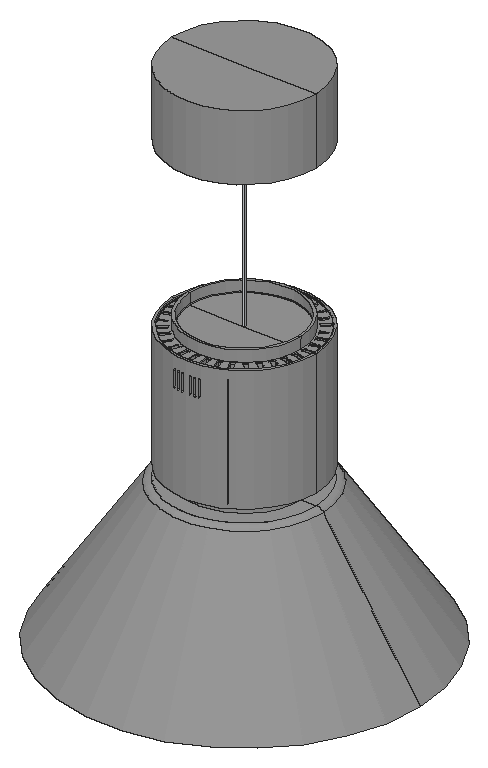
Revit family "LAMP_STORMBELL DECO + BLACK REFLECTOR", category Luminarias, Revit 2015
Parameters (values of type "1705LM 3000 BLACK FLOOD")
  Weight = 4.504 kg
  Type = "COB CITIZEN"
  Suspension height [instance] = 200.00 mm
  Reflector product code = "STBE420B"
  Protection rating = "IP20"
  Product datasheet = "http://www.lamp.es/product-files/TECH/ST117030FL830NOB-EN.pdf"
  Product code = "ST117030FL830NOB"
  Product URL = "http://www.lamp.es/en/family/stormbell_33344"
  Power Supply = "220-240V 50-60Hz"
  Power = 25 W
  Plum = 26.3 W
  Photometric web file = Reflector negro core : 1705LM 3000 BLACK FLOOD
  Modelo = Product code  # "ST117030FL830NOB"
  Material floron = LAMP_Aluminio cuerpo Stormbell NG
  Material COB = LAMP_COB
  Manufacturer name = "LAMP"
  Manufacturer country = "Spain"
  Manufacturer URL = "http://www.lamp.es/en"
  MacAdam = "<3"
  Luminaire type = "Indoor - Suspended Downlight"
  Last update = "11/11/2020"
  Lamp = "COB LED"
  LED Lifetime = "50.000 L80 B10"
  Insulation class = "I"
  Installation instructions = "http://www.lamp.es/product-files/INS/1003910-B-INSTR.%20STORMBELL.pdf"
  Initial intensity = 1705 lm
  Initial color = 3000 K
  IEE = "A+"
  Height = 173.00 mm
  Gear = "Electronic"
  Finish = "Shiny black"
  Fabricante = Manufacturer name  # "LAMP"
  Efficacy = 64.8 lm/W
  Diameter = 173.00 mm
  Descripción = "STORMBELL DECO 3000 WW FL BK."
  Core = Core Stormbell Deco : BLACK
  CRI = "80"
  Body Height = 0.00 mm
  Altura suspension [instance] = if(Suspension height < 0.00 mm, 0.00 mm, if(Suspension height > 3000.00 mm, 3000.00 mm, Suspension height))  # 200.00 mm
Types (16, lengths in mm): name | Weight | Product datasheet | Product code | Power Supply | Power | Plum | Modelo | Initial intensity | Initial color | Finish | Efficacy | Descripción
  1705LM 3000 WHITE FLOOD | 4.504 kg | "http://www.lamp.es/product-files/TECH/ST117030FL830NOW-EN.pdf" | "ST117030FL830NOW" | "220-240V 50-60Hz" | 25 W | 26.3 W | "ST117030FL830NOW" | 1705 lm | 3000 K | "Shiny white" | 64.8 lm/W | "STORMBELL DECO 3000 WW FL WH."
  1705LM 3000 BLACK FLOOD | 4.504 kg | "http://www.lamp.es/product-files/TECH/ST117030FL830NOB-EN.pdf" | "ST117030FL830NOB" | "220-240V 50-60Hz" | 25 W | 26.3 W | "ST117030FL830NOB" | 1705 lm | 3000 K | "Shiny black" | 64.8 lm/W | "STORMBELL DECO 3000 WW FL BK."
  1972LM 3000 WHITE WIDE FLOOD | 4.504 kg | "http://www.lamp.es/product-files/TECH/ST117030WF830NOW-EN.pdf" | "ST117030WF830NOW" | "220-240V 50-60Hz" | 25 W | 26.3 W | "ST117030WF830NOW" | 1972 lm | 3000 K | "Shiny white" | 75 lm/W | "STORMBELL DECO 3000 WW WFL WH."
  1972LM 3000 BLACK WIDE FLOOD | 4.504 kg | "http://www.lamp.es/product-files/TECH/ST117030WF830NOB-EN.pdf" | "ST117030WF830NOB" | "220-240V 50-60Hz" | 25 W | 26.3 W | "ST117030WF830NOB" | 1972 lm | 3000 K | "Shiny black" | 75 lm/W | "STORMBELL DECO 3000 WW WFL BK."
  2027LM 4000 WHITE WIDE FLOOD | 4.504 kg | "http://www.lamp.es/product-files/TECH/ST117030WF840NOW-EN.pdf" | "ST117030WF840NOW" | "220-240V 50-60Hz" | 25 W | 26.3 W | "ST117030WF840NOW" | 2027 lm | 4000 K | "Shiny white" | 77.1 lm/W | "STORMBELL DECO 3000 NW WFL WH."
  2027LM 4000 BLACK WIDE FLOOD | 4.504 kg | "http://www.lamp.es/product-files/TECH/ST117030WF840NOB-EN.pdf" | "ST117030WF840NOB" | "220-240V 50-60Hz" | 25 W | 26.3 W | "ST117030WF840NOB" | 2027 lm | 4000 K | "Shiny black" | 77.1 lm/W | "STORMBELL DECO 3000 NW WFL BK."
  2177LM 4000 WHITE FLOOD | 4.504 kg | "http://www.lamp.es/product-files/TECH/ST117030FL840NOW-EN.pdf" | "ST117030FL840NOW" | "220-240V 50-60Hz" | 25 W | 26.3 W | "ST117030FL840NOW" | 2177 lm | 4000 K | "Shiny white" | 82.8 lm/W | "STORMBELL DECO 3000 NW FL WH."
  2177LM 4000 BLACK FLOOD | 4.504 kg | "http://www.lamp.es/product-files/TECH/ST117030FL840NOB-EN.pdf" | "ST117030FL840NOB" | "220-240V 50-60Hz" | 25 W | 26.3 W | "ST117030FL840NOB" | 2177 lm | 4000 K | "Shiny black" | 82.8 lm/W | "STORMBELL DECO 3000 NW FL BK."
  3090LM 3000 WHITE WIDE FLOOD | 4.592 kg | "http://www.lamp.es/product-files/TECH/ST117050WF830NOW-EN.pdf" | "ST117050WF830NOW" | "100-240V 50-60Hz" | 44 W | 47.4 W | "ST117050WF830NOW" | 3090 lm | 3000 K | "Shiny white" | 65.2 lm/W | "STORMBELL DECO 5000 WW WFL WH."
  3090LM 3000 BLACK WIDE FLOOD | 4.592 kg | "http://www.lamp.es/product-files/TECH/ST117050WF830NOB-EN.pdf" | "ST117050WF830NOB" | "100-240V 50-60Hz" | 44 W | 47.4 W | "ST117050WF830NOB" | 3090 lm | 3000 K | "Shiny black" | 65.2 lm/W | "STORMBELL DECO 5000 WW WFL BK."
  3167LM 3000 WHITE FLOOD | 4.592 kg | "http://www.lamp.es/product-files/TECH/ST117050FL830NOW-EN.pdf" | "ST117050FL830NOW" | "100-240V 50-60Hz" | 44 W | 47.4 W | "ST117050FL830NOW" | 3167 lm | 3000 K | "Shiny white" | 66.8 lm/W | "STORMBELL DECO 5000 WW FL WH."
  3167LM 3000 BLACK FLOOD | 4.592 kg | "http://www.lamp.es/product-files/TECH/ST117050FL830NOB-EN.pdf" | "ST117050FL830NOB" | "100-240V 50-60Hz" | 44 W | 47.4 W | "ST117050FL830NOB" | 3167 lm | 3000 K | "Shiny black" | 66.8 lm/W | "STORMBELL DECO 5000 WW FL BK."
  3176LM 4000 WHITE WIDE FLOOD | 4.592 kg | "http://www.lamp.es/product-files/TECH/ST117050WF840NOW-EN.pdf" | "ST117050WF840NOW" | "100-240V 50-60Hz" | 44 W | 47.4 W | "ST117050WF840NOW" | 3176 lm | 4000 K | "Shiny white" | 67 lm/W | "STORMBELL DECO 5000 NW WFL WH."
  3176LM 4000 BLACK WIDE FLOOD | 4.592 kg | "http://www.lamp.es/product-files/TECH/ST117050WF840NOB-EN.pdf" | "ST117050WF840NOB" | "100-240V 50-60Hz" | 44 W | 47.4 W | "ST117050WF840NOB" | 3176 lm | 4000 K | "Shiny black" | 67 lm/W | "STORMBELL DECO 5000 NW WFL BK."
  3254LM 4000 WHITE FLOOD | 4.592 kg | "http://www.lamp.es/product-files/TECH/ST117050FL840NOW-EN.pdf" | "ST117050FL840NOW" | "100-240V 50-60Hz" | 44 W | 47.4 W | "ST117050FL840NOW" | 3254 lm | 4000 K | "Shiny white" | 68.6 lm/W | "STORMBELL DECO 5000 NW FL WH."
  3254LM 4000 BLACK FLOOD | 4.592 kg | "http://www.lamp.es/product-files/TECH/ST117050FL840NOB-EN.pdf" | "ST117050FL840NOB" | "100-240V 50-60Hz" | 44 W | 47.4 W | "ST117050FL840NOB" | 3254 lm | 4000 K | "Shiny black" | 68.6 lm/W | "STORMBELL DECO 5000 NW FL BK."
Reference planes
  plane 1 "Eje de origen de luz (F/P)": y = 0
  plane 2 "Techo": z = 2438.4
  plane 3 "Eje de origen de luz (I/D)": x = 0
  plane 4 "Elevación de origen de luz": z = 1316.8
  plane 5: z = 2359.2
Forms (mm)
  Revolve 1, solid, material "LAMP_Aluminio cuerpo Stormbell NG" <- "Material floron"
    sketch origin (0, 0, 0) x (1, 0, 0) y (0, 0, 1)
      loop
        line (0, 2438.4) -> (-86.5, 2438.4) -> (-86.5, 2359.2) -> (-83.75, 2359.2) -> (-83.75, 2371.9) -> (0, 2371.9) -> (0, 2438.4)
      axis (0, 2438.4) -> (0, 2359.2)
    angle from 0 to 360
  Extrusion 2, solid
    sketch origin (0, 0, 0) x (1, 0, 0) y (0, 1, 0)
      loop
        circle (0, 0) r 1
    from 2159.2 to 2371.9
  Revolve 3, solid, material "LAMP_COB" <- "Material COB"
    sketch origin (-474.113, 0, 2159.2) x (1, 0, 0) y (0, 0, 1)
      loop
        line (474.113, -61.467) -> (474.113, -62.467) -> (481.113, -62.467) -> (481.113, -61.467) -> (474.113, -61.467)
      axis (474.113, -61.467) -> (474.113, -62.467)
    angle from 0 to 360
  Extrusion 4, solid, material "LAMP_Aluminio cuerpo Stormbell NG" <- "Material floron"
    sketch origin (-1.875, 0, 0) x (1, 0, 0) y (0, 1, 0)
      loop
        line (18.156, -7.036) -> (18.156, 7.036)
        arc (18.156, 7.036) -> (17.332, 7.861) -> (16.508, 7.036) r 0.824
        line (16.508, 7.036) -> (16.508, -5.422)
        arc (16.508, -5.422) -> (16.293, -5.94) -> (15.775, -6.154) r 0.733
        line (15.775, -6.154) -> (14.051, -6.154)
        arc (14.051, -6.154) -> (13.604, -6.011) -> (13.324, -5.636) r 0.768
        line (13.324, -5.636) -> (9.075, 6.72)
        arc (9.075, 6.72) -> (7.599, 7.773) -> (6.122, 6.72) r 1.561
        line (6.122, 6.72) -> (1.915, -5.514)
        arc (1.915, -5.514) -> (0.865, -6.139) -> (0.075, -5.206) r 0.946
        line (0.075, -5.206) -> (0.075, 6.255)
        arc (0.075, 6.255) -> (-1.121, 7.917) -> (-3.078, 7.312) r 1.753
        line (-3.078, 7.312) -> (-5.708, 4.681) -> (-8.339, 7.312)
        arc (-8.339, 7.312) -> (-10.295, 7.917) -> (-11.491, 6.255) r 1.753
        line (-11.491, 6.255) -> (-11.491, -5.392)
        arc (-11.491, -5.392) -> (-11.714, -5.931) -> (-12.253, -6.154) r 0.762
        line (-12.253, -6.154) -> (-13.949, -6.154)
        arc (-13.949, -6.154) -> (-14.491, -5.93) -> (-14.715, -5.388) r 0.766
        line (-14.715, -5.388) -> (-14.715, 7.007)
        arc (-14.715, 7.007) -> (-14.94, 7.549) -> (-15.481, 7.773) r 0.766
        line (-15.481, 7.773) -> (-22.184, 7.773)
        arc (-22.184, 7.773) -> (-22.732, 7.546) -> (-22.959, 6.997) r 0.776
        line (-22.959, 6.997) -> (-22.959, 1.093)
        arc (-22.959, 1.093) -> (-22.743, 0.57) -> (-22.22, 0.354) r 0.739
        line (-22.22, 0.354) -> (-17.382, 0.354)
        arc (-17.382, 0.354) -> (-16.557, 1.178) -> (-17.382, 2.002) r 0.824
        line (-17.382, 2.002) -> (-20.553, 2.002)
        arc (-20.553, 2.002) -> (-21.089, 2.224) -> (-21.31, 2.76) r 0.758
        line (-21.31, 2.76) -> (-21.31, 5.362)
        arc (-21.31, 5.362) -> (-21.087, 5.901) -> (-20.548, 6.124) r 0.762
        line (-20.548, 6.124) -> (-17.104, 6.124)
        arc (-17.104, 6.124) -> (-16.581, 5.908) -> (-16.364, 5.384) r 0.74
        line (-16.364, 5.384) -> (-16.364, -7.016)
        arc (-16.364, -7.016) -> (-16.14, -7.557) -> (-15.598, -7.782) r 0.766
        line (-15.598, -7.782) -> (-10.521, -7.782)
        arc (-10.521, -7.782) -> (-10.021, -7.574) -> (-9.814, -7.074) r 0.708
        line (-9.814, -7.074) -> (-9.814, 6.019) -> (-5.708, 1.914) -> (-1.603, 6.019) -> (-1.603, -6.949)
        arc (-1.603, -6.949) -> (-1.39, -7.464) -> (-0.874, -7.677) r 0.729
        line (-0.874, -7.677) -> (2.395, -7.677)
        arc (2.395, -7.677) -> (2.818, -7.542) -> (3.083, -7.187) r 0.727
        line (3.083, -7.187) -> (7.599, 5.936) -> (12.139, -7.259)
        arc (12.139, -7.259) -> (12.421, -7.638) -> (12.871, -7.782) r 0.775
        line (12.871, -7.782) -> (17.411, -7.782)
        arc (17.411, -7.782) -> (17.938, -7.563) -> (18.156, -7.036) r 0.745
    from 2370.9 to 2371.9
Lines and regions (mm)
  reference lines
    curve 1: line (-474.113, 0, 2159.2) -> (435.887, 0, 2159.2)
Text (mm)
  text "Any modification of the parameters and properties of the LAMP BIM models must be executed and validated by the LAMP technical department.\n\nPhone: +34 93 736 68 00\n\nE-mail: lamp@lamp.es\n\n\n\nLAMP reserves the right to modify the technical specifications of its products." at (-12684.27, -18653.432, 16760.065), in view "Preview"
Dimensions and locks
  equal spacing: host sketch curve, plane 3 "Eje de origen de luz (I/D)", host sketch curve
  equal spacing: host sketch curve, plane 1 "Eje de origen de luz (F/P)", host sketch curve
  host sketch curve to host sketch curve = 3048.00 mm  (x2)
  locked: plane 2 "Techo" to plane 5 at 79.2
  "Altura suspension": plane 5 to curve 1
  aligned and locked: plane 5 to Revolve 1
  aligned and locked: curve 1 to Extrusion 2
Automatic sketch dimensions
  Revolve 1 sketch curve to plane 2 "Techo" = 0.00 mm
  Revolve 1 sketch curve to plane 5 = 0.00 mm
  Revolve 1 sketch curve to plane 3 "Eje de origen de luz (I/D)" = 0.00 mm  (x2)
  Revolve 1 sketch curve to plane 3 "Eje de origen de luz (I/D)" = 83.75 mm
  Revolve 1 sketch curve to Revolve 1 sketch curve = 2.75 mm
  plane 5 to Revolve 1 sketch curve = 12.70 mm
  Revolve 1 sketch curve to level = 304.80 mm
  plane 2 "Techo" to Revolve 1 sketch curve = 324.435 mm
  plane 1 "Eje de origen de luz (F/P)" to Extrusion 2 sketch curve = 0.00 mm
  Extrusion 2 sketch curve to plane 3 "Eje de origen de luz (I/D)" = 0.00 mm
  curve 1 to Revolve 3 sketch curve = 61.467 mm
  Revolve 3 sketch curve to curve 1 = 435.887 mm  (x2)
  Revolve 3 sketch curve to Revolve 3 sketch curve = 7.00 mm
  Revolve 3 sketch curve to Revolve 3 sketch curve = 1.00 mm
  Revolve 3 sketch curve to curve 1 = 2364.00 mm
  curve 1 to Revolve 3 sketch curve = 703.635 mm
  Extrusion 4 sketch curve to plane 1 "Eje de origen de luz (F/P)" = 1.093 mm
  Extrusion 4 sketch curve to plane 3 "Eje de origen de luz (I/D)" = 24.834 mm
  Extrusion 4 sketch curve to Extrusion 4 sketch curve = 0.739 mm
  Extrusion 4 sketch curve to Extrusion 4 sketch curve = 0.776 mm
  Extrusion 4 sketch curve to Extrusion 4 sketch curve = 0.873 mm
  Extrusion 4 sketch curve to Extrusion 4 sketch curve = 0.758 mm
  Extrusion 4 sketch curve to Extrusion 4 sketch curve = 0.762 mm  (x2)
  Extrusion 4 sketch curve to Extrusion 4 sketch curve = 3.171 mm
  Extrusion 4 sketch curve to Extrusion 4 sketch curve = 0.277 mm
  Extrusion 4 sketch curve to Extrusion 4 sketch curve = 1.018 mm
  Extrusion 4 sketch curve to Extrusion 4 sketch curve = 0.766 mm  (x2)
  Extrusion 4 sketch curve to Extrusion 4 sketch curve = 1.623 mm
  Extrusion 4 sketch curve to Extrusion 4 sketch curve = 0.883 mm
  Extrusion 4 sketch curve to Extrusion 4 sketch curve = 1.696 mm
  Extrusion 4 sketch curve to Extrusion 4 sketch curve = 0.97 mm
  Extrusion 4 sketch curve to Extrusion 4 sketch curve = 0.708 mm
  Extrusion 4 sketch curve to Extrusion 4 sketch curve = 0.076 mm  (x2)
  Extrusion 4 sketch curve to plane 1 "Eje de origen de luz (F/P)" = 7.312 mm  (x2)
  Extrusion 4 sketch curve to Extrusion 4 sketch curve = 1.399 mm  (x2)
  Extrusion 4 sketch curve to plane 1 "Eje de origen de luz (F/P)" = 4.681 mm
  Extrusion 4 sketch curve to Extrusion 4 sketch curve = 2.631 mm
  Extrusion 4 sketch curve to plane 1 "Eje de origen de luz (F/P)" = 1.914 mm
  Extrusion 4 sketch curve to Extrusion 4 sketch curve = 0.00 mm  (x2)
  Extrusion 4 sketch curve to Extrusion 4 sketch curve = 0.729 mm
  Extrusion 4 sketch curve to Extrusion 4 sketch curve = 1.677 mm
  Extrusion 4 sketch curve to Extrusion 4 sketch curve = 0.946 mm
  plane 1 "Eje de origen de luz (F/P)" to Extrusion 4 sketch curve = 5.514 mm
  Extrusion 4 sketch curve to Extrusion 4 sketch curve = 0.895 mm
  Extrusion 4 sketch curve to Extrusion 4 sketch curve = 0.48 mm
  plane 1 "Eje de origen de luz (F/P)" to Extrusion 4 sketch curve = 7.187 mm
  Extrusion 4 sketch curve to Extrusion 4 sketch curve = 0.688 mm
  Extrusion 4 sketch curve to plane 1 "Eje de origen de luz (F/P)" = 6.72 mm  (x2)
  Extrusion 4 sketch curve to Extrusion 4 sketch curve = 6.048 mm
  Extrusion 4 sketch curve to Extrusion 4 sketch curve = 1.476 mm
  Extrusion 4 sketch curve to plane 1 "Eje de origen de luz (F/P)" = 5.936 mm
  plane 1 "Eje de origen de luz (F/P)" to Extrusion 4 sketch curve = 7.259 mm
  Extrusion 4 sketch curve to Extrusion 4 sketch curve = 9.055 mm
  Extrusion 4 sketch curve to Extrusion 4 sketch curve = 0.733 mm
  plane 1 "Eje de origen de luz (F/P)" to Extrusion 4 sketch curve = 5.636 mm
  Extrusion 4 sketch curve to Extrusion 4 sketch curve = 0.453 mm
  Extrusion 4 sketch curve to Extrusion 4 sketch curve = 0.727 mm
  Extrusion 4 sketch curve to Extrusion 4 sketch curve = 1.725 mm
  Extrusion 4 sketch curve to Extrusion 4 sketch curve = 7.433 mm
  Extrusion 4 sketch curve to Extrusion 4 sketch curve = 0.824 mm  (x2)
  Extrusion 4 sketch curve to Extrusion 4 sketch curve = 0.745 mm
  Extrusion 4 sketch curve to Extrusion 4 sketch curve = 2.146 mm
  plane 1 "Eje de origen de luz (F/P)" to Extrusion 4 sketch curve = 7.782 mm
  Extrusion 4 sketch curve to Extrusion 4 sketch curve = 2.472 mm
  Extrusion 4 sketch curve to Extrusion 4 sketch curve = 0.519 mm
  Extrusion 4 sketch curve to Extrusion 4 sketch curve = 0.862 mm
  Extrusion 4 sketch curve to Extrusion 4 sketch curve = 2.602 mm
  Extrusion 4 sketch curve to Extrusion 4 sketch curve = 0.236 mm
  Extrusion 4 sketch curve to Extrusion 4 sketch curve = 0.276 mm
  Extrusion 4 sketch curve to Extrusion 4 sketch curve = 1.635 mm
  Extrusion 4 sketch curve to Extrusion 4 sketch curve = 0.317 mm
  curve 1 to plane 3 "Eje de origen de luz (I/D)" = 474.113 mm
  plane 3 "Eje de origen de luz (I/D)" to curve 1 = 435.887 mm
  radius of Extrusion 2 sketch curve = 1.00 mm
Nested families
  nested 1: "Core Stormbell Deco" at (0, 0, 1995.7), type <- "Core", type "BLACK"
  nested 2: "Reflector negro core" at (0, 0, 302.7), type <- "Photometric web file", type "1705LM 3000 BLACK FLOOD"
Connectors
  electrical at (0, 0, 2438.4)
    settings: on Revolve 1, index 1, voltage 230 V, apparent load 0 VA, apparent load phase1 0 VA, apparent load phase2 0 VA, apparent load phase3 0 VA, power factor 1, load classification "Otro", number of poles 1, system type 31, power factor state 1, is connector primary yes, connector utility no, sub classification motor no, connector description ""
Definition of nested family "Core Stormbell Deco"
  Parameters (values of type "BLACK")
    Material disipador = none
    Material core = none
    Default Elevation = 1219.20 mm
  Types (3): name
    (no name)
    BLACK
    WHITE
  Reference planes
    plane 1 "Centro (Frontal/Posterior)": y = 0
    plane 2: z = 0
    plane 3 "Centro (Izquierda/Derecha)": x = 0
  Forms (mm)
    Revolve 1, solid, material <- "Material core"
      sketch origin (0, 0, -1221.577) x (1, 0, 0) y (0, 0, 1)
        loop
          line (83.75, 1384.077) -> (83.75, 1383.077) -> (0, 1383.077) -> (0, 1323.61) -> (7, 1323.61) -> (7, 1322.61) -> (22.096, 1322.61)
          arc (22.096, 1322.61) -> (24.519, 1321.984) -> (26.335, 1320.262) r 5
          arc (26.335, 1320.262) -> (44.293, 1286.941) -> (57.8, 1251.58) r 292.631
          line (57.8, 1251.58) -> (59.5, 1251.58) -> (64, 1251.58) -> (64, 1238.077) -> (83.75, 1238.077) -> (83.75, 1237.077) -> (83.75, 1236.077) -> (86.5, 1236.077) -> (86.5, 1385.077) -> (83.75, 1385.077) -> (83.75, 1384.077)
        axis (0, 1385.077) -> (0, 1236.077)
      angle from 0 to 360
    Extrusion 2, void
      sketch origin (0, 0, 0) x (1, 0, 0) y (0, 1, 0)
        loop
          line (-2.75, 81.654) -> (-2.75, 70.747)
          arc (-2.75, 70.747) -> (0, 70.8) -> (2.75, 70.747) r 70.8
          line (2.75, 70.747) -> (2.75, 81.654)
          arc (2.75, 81.654) -> (0, 81.7) -> (-2.75, 81.654) r 81.7
        loop
          arc (-2.75, -81.654) -> (0, -81.7) -> (2.75, -81.654) r 81.7
          line (2.75, -81.654) -> (2.75, -70.747)
          arc (2.75, -70.747) -> (0, -70.8) -> (-2.75, -70.747) r 70.8
          line (-2.75, -70.747) -> (-2.75, -81.654)
        loop
          line (81.654, 2.75) -> (70.747, 2.75)
          arc (70.747, 2.75) -> (70.8, 0) -> (70.747, -2.75) r 70.8
          line (70.747, -2.75) -> (81.654, -2.75)
          arc (81.654, -2.75) -> (81.7, 0) -> (81.654, 2.75) r 81.7
        loop
          arc (-81.654, 2.75) -> (-81.7, 0) -> (-81.654, -2.75) r 81.7
          line (-81.654, -2.75) -> (-70.747, -2.75)
          arc (-70.747, -2.75) -> (-70.8, 0) -> (-70.747, 2.75) r 70.8
          line (-70.747, 2.75) -> (-81.654, 2.75)
        loop
          line (11.471, 80.891) -> (9.577, 70.149)
          arc (9.577, 70.149) -> (12.294, 69.724) -> (14.993, 69.194) r 70.8
          line (14.993, 69.194) -> (16.887, 79.936)
          arc (16.887, 79.936) -> (14.187, 80.459) -> (11.471, 80.891) r 81.7
        loop
          line (25.343, 77.67) -> (21.613, 67.421)
          arc (21.613, 67.421) -> (24.215, 66.53) -> (26.781, 65.539) r 70.8
          line (26.781, 65.539) -> (30.511, 75.789)
          arc (30.511, 75.789) -> (27.943, 76.773) -> (25.343, 77.67) r 81.7
        loop
          line (38.445, 72.089) -> (32.992, 62.643)
          arc (32.992, 62.643) -> (35.4, 61.315) -> (37.755, 59.893) r 70.8
          line (37.755, 59.893) -> (43.208, 69.339)
          arc (43.208, 69.339) -> (40.85, 70.754) -> (38.445, 72.089) r 81.7
        loop
          line (50.379, 64.318) -> (43.368, 55.963)
          arc (43.368, 55.963) -> (45.509, 54.236) -> (47.582, 52.427) r 70.8
          line (47.582, 52.427) -> (54.593, 60.783)
          arc (54.593, 60.783) -> (52.516, 62.586) -> (50.379, 64.318) r 81.7
        loop
          line (60.783, 54.593) -> (52.427, 47.582)
          arc (52.427, 47.582) -> (54.236, 45.509) -> (55.963, 43.368) r 70.8
          line (55.963, 43.368) -> (64.318, 50.379)
          arc (64.318, 50.379) -> (62.586, 52.516) -> (60.783, 54.593) r 81.7
        loop
          line (69.339, 43.208) -> (59.893, 37.755)
          arc (59.893, 37.755) -> (61.315, 35.4) -> (62.643, 32.992) r 70.8
          line (62.643, 32.992) -> (72.089, 38.445)
          arc (72.089, 38.445) -> (70.754, 40.85) -> (69.339, 43.208) r 81.7
        loop
          line (75.789, 30.511) -> (65.539, 26.781)
          arc (65.539, 26.781) -> (66.53, 24.215) -> (67.421, 21.613) r 70.8
          line (67.421, 21.613) -> (77.67, 25.343)
          arc (77.67, 25.343) -> (76.773, 27.943) -> (75.789, 30.511) r 81.7
        loop
          line (79.936, 16.887) -> (69.194, 14.993)
          arc (69.194, 14.993) -> (69.724, 12.294) -> (70.149, 9.577) r 70.8
          line (70.149, 9.577) -> (80.891, 11.471)
          arc (80.891, 11.471) -> (80.459, 14.187) -> (79.936, 16.887) r 81.7
        loop
          arc (-11.471, 80.891) -> (-14.187, 80.459) -> (-16.887, 79.936) r 81.7
          line (-16.887, 79.936) -> (-14.993, 69.194)
          arc (-14.993, 69.194) -> (-12.294, 69.724) -> (-9.577, 70.149) r 70.8
          line (-9.577, 70.149) -> (-11.471, 80.891)
        loop
          arc (-25.343, 77.67) -> (-27.943, 76.773) -> (-30.511, 75.789) r 81.7
          line (-30.511, 75.789) -> (-26.781, 65.539)
          arc (-26.781, 65.539) -> (-24.215, 66.53) -> (-21.613, 67.421) r 70.8
          line (-21.613, 67.421) -> (-25.343, 77.67)
        loop
          arc (-38.445, 72.089) -> (-40.85, 70.754) -> (-43.208, 69.339) r 81.7
          line (-43.208, 69.339) -> (-37.755, 59.893)
          arc (-37.755, 59.893) -> (-35.4, 61.315) -> (-32.992, 62.643) r 70.8
          line (-32.992, 62.643) -> (-38.445, 72.089)
        loop
          arc (-50.379, 64.318) -> (-52.516, 62.586) -> (-54.593, 60.783) r 81.7
          line (-54.593, 60.783) -> (-47.582, 52.427)
          arc (-47.582, 52.427) -> (-45.509, 54.236) -> (-43.368, 55.963) r 70.8
          line (-43.368, 55.963) -> (-50.379, 64.318)
        loop
          arc (-60.783, 54.593) -> (-62.586, 52.516) -> (-64.318, 50.379) r 81.7
          line (-64.318, 50.379) -> (-55.963, 43.368)
          arc (-55.963, 43.368) -> (-54.236, 45.509) -> (-52.427, 47.582) r 70.8
          line (-52.427, 47.582) -> (-60.783, 54.593)
        loop
          arc (-69.339, 43.208) -> (-70.754, 40.85) -> (-72.089, 38.445) r 81.7
          line (-72.089, 38.445) -> (-62.643, 32.992)
          arc (-62.643, 32.992) -> (-61.315, 35.4) -> (-59.893, 37.755) r 70.8
          line (-59.893, 37.755) -> (-69.339, 43.208)
        loop
          arc (-75.789, 30.511) -> (-76.773, 27.943) -> (-77.67, 25.343) r 81.7
          line (-77.67, 25.343) -> (-67.421, 21.613)
          arc (-67.421, 21.613) -> (-66.53, 24.215) -> (-65.539, 26.781) r 70.8
          line (-65.539, 26.781) -> (-75.789, 30.511)
        loop
          arc (-79.936, 16.887) -> (-80.459, 14.187) -> (-80.891, 11.471) r 81.7
          line (-80.891, 11.471) -> (-70.149, 9.577)
          arc (-70.149, 9.577) -> (-69.724, 12.294) -> (-69.194, 14.993) r 70.8
          line (-69.194, 14.993) -> (-79.936, 16.887)
        loop
          arc (11.471, -80.891) -> (14.187, -80.459) -> (16.887, -79.936) r 81.7
          line (16.887, -79.936) -> (14.993, -69.194)
          arc (14.993, -69.194) -> (12.294, -69.724) -> (9.577, -70.149) r 70.8
          line (9.577, -70.149) -> (11.471, -80.891)
        loop
          arc (25.343, -77.67) -> (27.943, -76.773) -> (30.511, -75.789) r 81.7
          line (30.511, -75.789) -> (26.781, -65.539)
          arc (26.781, -65.539) -> (24.215, -66.53) -> (21.613, -67.421) r 70.8
          line (21.613, -67.421) -> (25.343, -77.67)
        loop
          arc (38.445, -72.089) -> (40.85, -70.754) -> (43.208, -69.339) r 81.7
          line (43.208, -69.339) -> (37.755, -59.893)
          arc (37.755, -59.893) -> (35.4, -61.315) -> (32.992, -62.643) r 70.8
          line (32.992, -62.643) -> (38.445, -72.089)
        loop
          arc (50.379, -64.318) -> (52.516, -62.586) -> (54.593, -60.783) r 81.7
          line (54.593, -60.783) -> (47.582, -52.427)
          arc (47.582, -52.427) -> (45.509, -54.236) -> (43.368, -55.963) r 70.8
          line (43.368, -55.963) -> (50.379, -64.318)
        loop
          arc (60.783, -54.593) -> (62.586, -52.516) -> (64.318, -50.379) r 81.7
          line (64.318, -50.379) -> (55.963, -43.368)
          arc (55.963, -43.368) -> (54.236, -45.509) -> (52.427, -47.582) r 70.8
          line (52.427, -47.582) -> (60.783, -54.593)
        loop
          arc (69.339, -43.208) -> (70.754, -40.85) -> (72.089, -38.445) r 81.7
          line (72.089, -38.445) -> (62.643, -32.992)
          arc (62.643, -32.992) -> (61.315, -35.4) -> (59.893, -37.755) r 70.8
          line (59.893, -37.755) -> (69.339, -43.208)
        loop
          arc (75.789, -30.511) -> (76.773, -27.943) -> (77.67, -25.343) r 81.7
          line (77.67, -25.343) -> (67.421, -21.613)
          arc (67.421, -21.613) -> (66.53, -24.215) -> (65.539, -26.781) r 70.8
          line (65.539, -26.781) -> (75.789, -30.511)
        loop
          arc (79.936, -16.887) -> (80.459, -14.187) -> (80.891, -11.471) r 81.7
          line (80.891, -11.471) -> (70.149, -9.577)
          arc (70.149, -9.577) -> (69.724, -12.294) -> (69.194, -14.993) r 70.8
          line (69.194, -14.993) -> (79.936, -16.887)
        loop
          line (-11.471, -80.891) -> (-9.577, -70.149)
          arc (-9.577, -70.149) -> (-12.294, -69.724) -> (-14.993, -69.194) r 70.8
          line (-14.993, -69.194) -> (-16.887, -79.936)
          arc (-16.887, -79.936) -> (-14.187, -80.459) -> (-11.471, -80.891) r 81.7
        loop
          line (-25.343, -77.67) -> (-21.613, -67.421)
          arc (-21.613, -67.421) -> (-24.215, -66.53) -> (-26.781, -65.539) r 70.8
          line (-26.781, -65.539) -> (-30.511, -75.789)
          arc (-30.511, -75.789) -> (-27.943, -76.773) -> (-25.343, -77.67) r 81.7
        loop
          line (-38.445, -72.089) -> (-32.992, -62.643)
          arc (-32.992, -62.643) -> (-35.4, -61.315) -> (-37.755, -59.893) r 70.8
          line (-37.755, -59.893) -> (-43.208, -69.339)
          arc (-43.208, -69.339) -> (-40.85, -70.754) -> (-38.445, -72.089) r 81.7
        loop
          line (-50.379, -64.318) -> (-43.368, -55.963)
          arc (-43.368, -55.963) -> (-45.509, -54.236) -> (-47.582, -52.427) r 70.8
          line (-47.582, -52.427) -> (-54.593, -60.783)
          arc (-54.593, -60.783) -> (-52.516, -62.586) -> (-50.379, -64.318) r 81.7
        loop
          line (-60.783, -54.593) -> (-52.427, -47.582)
          arc (-52.427, -47.582) -> (-54.236, -45.509) -> (-55.963, -43.368) r 70.8
          line (-55.963, -43.368) -> (-64.318, -50.379)
          arc (-64.318, -50.379) -> (-62.586, -52.516) -> (-60.783, -54.593) r 81.7
        loop
          line (-69.339, -43.208) -> (-59.893, -37.755)
          arc (-59.893, -37.755) -> (-61.315, -35.4) -> (-62.643, -32.992) r 70.8
          line (-62.643, -32.992) -> (-72.089, -38.445)
          arc (-72.089, -38.445) -> (-70.754, -40.85) -> (-69.339, -43.208) r 81.7
        loop
          line (-75.789, -30.511) -> (-65.539, -26.781)
          arc (-65.539, -26.781) -> (-66.53, -24.215) -> (-67.421, -21.613) r 70.8
          line (-67.421, -21.613) -> (-77.67, -25.343)
          arc (-77.67, -25.343) -> (-76.773, -27.943) -> (-75.789, -30.511) r 81.7
        loop
          line (-79.936, -16.887) -> (-69.194, -14.993)
          arc (-69.194, -14.993) -> (-69.724, -12.294) -> (-70.149, -9.577) r 70.8
          line (-70.149, -9.577) -> (-80.891, -11.471)
          arc (-80.891, -11.471) -> (-80.459, -14.187) -> (-79.936, -16.887) r 81.7
      from 14.5 to 163.5
    Extrusion 3, void
      sketch origin (0, 0, 0) x (1, 0, 0) y (0, 0, 1)
        loop
          arc (-3.5, 147.5) -> (-4.75, 148.75) -> (-6, 147.5) r 1.25
          line (-6, 147.5) -> (-6, 129.5)
          arc (-6, 129.5) -> (-4.75, 128.25) -> (-3.5, 129.5) r 1.25
          line (-3.5, 129.5) -> (-3.5, 147.5)
        loop
          arc (-8.5, 147.5) -> (-9.75, 148.75) -> (-11, 147.5) r 1.25
          line (-11, 147.5) -> (-11, 129.5)
          arc (-11, 129.5) -> (-9.75, 128.25) -> (-8.5, 129.5) r 1.25
          line (-8.5, 129.5) -> (-8.5, 147.5)
        loop
          arc (-13.5, 147.5) -> (-14.75, 148.75) -> (-16, 147.5) r 1.25
          line (-16, 147.5) -> (-16, 129.5)
          arc (-16, 129.5) -> (-14.75, 128.25) -> (-13.5, 129.5) r 1.25
          line (-13.5, 129.5) -> (-13.5, 147.5)
        loop
          arc (16, 147.5) -> (14.75, 148.75) -> (13.5, 147.5) r 1.25
          line (13.5, 147.5) -> (13.5, 129.5)
          arc (13.5, 129.5) -> (14.75, 128.25) -> (16, 129.5) r 1.25
          line (16, 129.5) -> (16, 147.5)
        loop
          arc (11, 147.5) -> (9.75, 148.75) -> (8.5, 147.5) r 1.25
          line (8.5, 147.5) -> (8.5, 129.5)
          arc (8.5, 129.5) -> (9.75, 128.25) -> (11, 129.5) r 1.25
          line (11, 129.5) -> (11, 147.5)
        loop
          arc (6, 147.5) -> (4.75, 148.75) -> (3.5, 147.5) r 1.25
          line (3.5, 147.5) -> (3.5, 129.5)
          arc (3.5, 129.5) -> (4.75, 128.25) -> (6, 129.5) r 1.25
          line (6, 129.5) -> (6, 147.5)
      from -87.047 to 87.159
    Revolve 4, solid, material <- "Material disipador"
      sketch origin (0, 0, 0) x (1, 0, 0) y (0, 0, 1)
        loop
          line (65.3, 175.5) -> (65.3, 163.5) -> (65.3, 162.5) -> (0, 162.5) -> (0, 161.5) -> (82.8, 161.5) -> (82.8, 16.5) -> (64, 16.5) -> (64, 13.203) -> (53.7, 13.203) -> (53.7, 10.703) -> (64, 10.703) -> (64, 6.703) -> (65.3, 0) -> (68.2, 0) -> (68.2, 15.5) -> (83.75, 15.5) -> (83.75, 162.5) -> (68.2, 162.5) -> (68.2, 175.5) -> (65.3, 175.5)
        axis (0, 175.5) -> (0, 0)
      angle from 0 to 360
  Cuts and joins
    Extrusion 2, Extrusion 3 cuts Revolve 1
    Extrusion 2 cuts Revolve 4
  Dimensions and locks
    aligned and locked: level to plane 2
Definition of nested family "Reflector negro core"
  Parameters (values of type "1705LM 3000 BLACK FLOOD")
    Tilt Angle = 90.00°
    Wattage = 26.3 W
    Separación luz = 20.00 mm
    built-in parameter 1150110 = 1 (stored number, unit not read)
    Material reflector = none
    built-in parameter 1114217 = 1 (stored number, unit not read)
    built-in parameter 1150109 = 1 (stored number, unit not read)
    Default Elevation = 1219.20 mm
    built-in parameter 1150134 = (empty or 0)
    built-in parameter 1150113 = 1 (stored number, unit not read)
    Lumens = 1705.03 lm
    built-in parameter 1150115 = 1 (stored number, unit not read)
    built-in parameter 1150105 = 135.68 (stored number, unit not read)
    built-in parameter 1150137 = (empty or 0)
    built-in parameter 1150139 = (empty or 0)
    built-in parameter 1150112 = 1 (stored number, unit not read)
    built-in parameter 1150114 = 1 (stored number, unit not read)
    built-in parameter 1150132 = 2
    built-in parameter 1150102 = (empty or 0)
    built-in parameter 1150138 = (empty or 0)
    built-in parameter 1150107 = 3000 (stored number, unit not read)
    built-in parameter 1150106 = 1.3568 (stored number, unit not read)
    built-in parameter 1150104 = 6.0229 (stored number, unit not read)
    Dimming Lamp Color Temperature Shift = (empty or 0)
    Color Filter = 16777215
    built-in parameter 1114218 = 1 (stored number, unit not read)
    Photometric Web File = "10441002+10400102_100.IES"
    built-in parameter 1150133 = 10 (stored number, unit not read)
  Types (17, lengths in mm): name | Wattage | built-in parameter 1150134 | Lumens | built-in parameter 1150105 | built-in parameter 1150107 | built-in parameter 1150106 | built-in parameter 1150104 | Photometric Web File
    (no name) | 26.3 W | (empty or 0) | 1705.03 lm | 135.68 (stored number, unit not read) | 3000 (stored number, unit not read) | 1.3568 (stored number, unit not read) | 6.0229 (stored number, unit not read) | "10441002+10400102_100.IES"
    1705LM 3000 WHITE FLOOD | 26.3 W | (empty or 0) | 1705.03 lm | 135.68 (stored number, unit not read) | 3000 (stored number, unit not read) | 1.3568 (stored number, unit not read) | 6.0229 (stored number, unit not read) | "10441000+10400102_100.IES"
    1705LM 3000 BLACK FLOOD | 26.3 W | (empty or 0) | 1705.03 lm | 135.68 (stored number, unit not read) | 3000 (stored number, unit not read) | 1.3568 (stored number, unit not read) | 6.0229 (stored number, unit not read) | "10441002+10400102_100.IES"
    1972LM 3000 WHITE WIDE FLOOD | 26.3 W | (empty or 0) | 1971.97 lm | 2540.3 (stored number, unit not read) | 3000 (stored number, unit not read) | 25.403 (stored number, unit not read) | 6.9659 (stored number, unit not read) | "10441010+10400102_100.IES"
    1972LM 3000 BLACK WIDE FLOOD | 26.3 W | (empty or 0) | 1971.97 lm | 2540.3 (stored number, unit not read) | 3000 (stored number, unit not read) | 25.403 (stored number, unit not read) | 6.9659 (stored number, unit not read) | "10441012+10400102_100.IES"
    2027LM 4000 WHITE WIDE FLOOD | 26.3 W | 12 | 2026.94 lm | 2281.9 (stored number, unit not read) | 4000 (stored number, unit not read) | 22.819 (stored number, unit not read) | 7.16 (stored number, unit not read) | "10440010+10400102_100.IES"
    2027LM 4000 BLACK WIDE FLOOD | 26.3 W | 12 | 2026.94 lm | 2281.9 (stored number, unit not read) | 4000 (stored number, unit not read) | 22.819 (stored number, unit not read) | 7.16 (stored number, unit not read) | "10440012+10400102_100.IES"
    2177LM 4000 WHITE FLOOD | 26.3 W | 12 | 2177.11 lm | 2450.9 (stored number, unit not read) | 4000 (stored number, unit not read) | 24.509 (stored number, unit not read) | 7.6905 (stored number, unit not read) | "10440000+10400102_100.IES"
    2177LM 4000 BLACK FLOOD | 26.3 W | 12 | 2177.11 lm | 2450.9 (stored number, unit not read) | 4000 (stored number, unit not read) | 24.509 (stored number, unit not read) | 7.6905 (stored number, unit not read) | "10440002+10400102_100.IES"
    3090LM 3000 WHITE WIDE FLOOD | 47.4 W | (empty or 0) | 3090.01 lm | 3955.2 (stored number, unit not read) | 3000 (stored number, unit not read) | 39.552 (stored number, unit not read) | 6.0563 (stored number, unit not read) | "10441030+10400102_100.IES"
    3090LM 3000 BLACK WIDE FLOOD | 47.4 W | (empty or 0) | 3090.01 lm | 3955.2 (stored number, unit not read) | 3000 (stored number, unit not read) | 39.552 (stored number, unit not read) | 6.0563 (stored number, unit not read) | "10441032+10400102_100.IES"
    3167LM 3000 WHITE FLOOD | 47.4 W | (empty or 0) | 3166.79 lm | 3597 (stored number, unit not read) | 3000 (stored number, unit not read) | 35.97 (stored number, unit not read) | 6.2069 (stored number, unit not read) | "10441020+10400102_100.IES"
    3167LM 3000 BLACK FLOOD | 47.4 W | (empty or 0) | 3166.79 lm | 3597 (stored number, unit not read) | 3000 (stored number, unit not read) | 35.97 (stored number, unit not read) | 6.2069 (stored number, unit not read) | "10441022+10400102_100.IES"
    3176LM 4000 WHITE WIDE FLOOD | 47.4 W | 12 | 3175.8 lm | 6239 (stored number, unit not read) | 4000 (stored number, unit not read) | 62.39 (stored number, unit not read) | 6.2245 (stored number, unit not read) | "10440030+10400102_100.IES"
    3176LM 4000 BLACK WIDE FLOOD | 47.4 W | 12 | 3175.8 lm | 6239 (stored number, unit not read) | 4000 (stored number, unit not read) | 62.39 (stored number, unit not read) | 6.2245 (stored number, unit not read) | "10440032+10400102_100.IES"
    3254LM 4000 WHITE FLOOD | 47.4 W | 12 | 3254.01 lm | 3696.1 (stored number, unit not read) | 4000 (stored number, unit not read) | 36.961 (stored number, unit not read) | 6.3778 (stored number, unit not read) | "10440020+10400102_100.IES"
    3254LM 4000 BLACK FLOOD | 47.4 W | 12 | 3254.01 lm | 3696.1 (stored number, unit not read) | 4000 (stored number, unit not read) | 36.961 (stored number, unit not read) | 6.3778 (stored number, unit not read) | "10440022+10400102_100.IES"
  Reference planes
    plane 1 "Eje de origen de luz (F/P)": y = 0
    plane 2: z = 0
    plane 3 "Eje de origen de luz (I/D)": x = 0
    plane 4 "Elevación de origen de luz": z = 1500
    plane 5: z = 1520
  Forms (mm)
    Revolve 1, solid, material <- "Material reflector"
      sketch origin (0, 0, 0) x (1, 0, 0) y (0, 0, 1)
        loop
          line (210, 1520) -> (95.087, 1688.631)
          arc (95.087, 1688.631) -> (91.497, 1691.841) -> (86.823, 1693) r 10
          line (86.823, 1693) -> (62, 1693) -> (53, 1693) -> (53, 1711.2) -> (50.4, 1711.2) -> (50.4, 1692) -> (86.305, 1692)
          arc (86.305, 1692) -> (90.979, 1690.841) -> (94.568, 1687.631) r 10
          line (94.568, 1687.631) -> (208.8, 1520) -> (210, 1520)
        axis (0, 1711.2) -> (0, 1520)
      angle from 0 to 360
  Dimensions and locks
    "Separación luz": plane 5 to plane 4 "Elevación de origen de luz"
    aligned and locked: plane 3 "Eje de origen de luz (I/D)" to imposter light
    aligned and locked: plane 1 "Eje de origen de luz (F/P)" to imposter light
    aligned and locked: plane 4 "Elevación de origen de luz" to imposter light
    aligned and locked: level to plane 2
  Automatic sketch dimensions
    Revolve 1 sketch curve to plane 3 "Eje de origen de luz (I/D)" = 0.00 mm
    Revolve 1 sketch curve to plane 5 = 0.00 mm
    plane 3 "Eje de origen de luz (I/D)" to Revolve 1 sketch curve = 50.40 mm
    Revolve 1 sketch curve to Revolve 1 sketch curve = 2.60 mm
    Revolve 1 sketch curve to Revolve 1 sketch curve = 9.00 mm
    Revolve 1 sketch curve to Revolve 1 sketch curve = 24.305 mm
    Revolve 1 sketch curve to Revolve 1 sketch curve = 0.519 mm  (x2)
    Revolve 1 sketch curve to Revolve 1 sketch curve = 7.745 mm
    Revolve 1 sketch curve to Revolve 1 sketch curve = 114.232 mm
    Revolve 1 sketch curve to Revolve 1 sketch curve = 1.20 mm
    plane 5 to Revolve 1 sketch curve = 162.00 mm
    Revolve 1 sketch curve to Revolve 1 sketch curve = 1.00 mm  (x2)
    Revolve 1 sketch curve to Revolve 1 sketch curve = 4.631 mm
    Revolve 1 sketch curve to Revolve 1 sketch curve = 18.20 mm
    Revolve 1 sketch curve to level = 271.696 mm
    Revolve 1 sketch curve to Revolve 1 sketch curve = 8.574 mm
